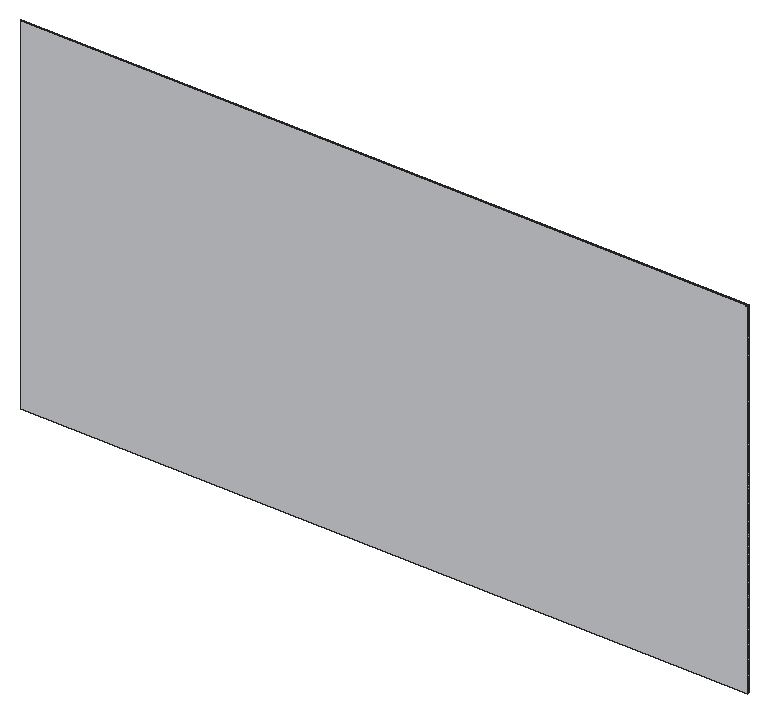
Revit family "27829AIR", category Generic Models, Revit 2017
Family settings
  Can host rebar = No
  Round Connector Dimension = Use Diameter
  Part Type = Normal
  Work Plane-Based = No
  Always vertical = Yes
  Cut with Voids When Loaded = No
  Shared = No
  Room Calculation Point = No
Parameters
  W = 2490 mm
  H = 1190 mm
  Whiteboard = none
  Base = none
Reference planes
  plane 1 "Center (Front/Back)": y = 0
  plane 2: z = 0
  plane 3 "Center (Left/Right)": x = 0
  plane 4: y = 0.5
  plane 5: y = 10.5
  plane 6: z = 1190
  plane 7: x = -1245
  plane 8: x = 1245
  plane 9: y = 4
Forms (mm)
  Extrusion 1, solid, material <- "Whiteboard"
    sketch origin (0, 0, 0) x (1, 0, 0) y (0, 0, 1)
      loop
        line (-1245, 1190) -> (-1245, 0) -> (1245, 0) -> (1245, 1190) -> (-1245, 1190)
    from -0.5 to 0
  Extrusion 2, solid, material <- "Base"
    sketch origin (0, 0, 0) x (1, 0, 0) y (0, 0, 1)
      loop
        line (-1245, 1190) -> (-1245, 0) -> (1245, 0) -> (1245, 1190) -> (-1245, 1190)
    from -10.5 to -0.5
  Sweep 3, void
    path origin (0, 10.5, 0) x (1, 0, 0) y (0, 0, 1)
      loop
        line (-1245, 1190) -> (-1245, 0) -> (1245, 0) -> (1245, 1190) -> (-1245, 1190)
    profile origin (0, 10.5, 1190) x (0, 0, 1) y (0, -1, 0)
      loop
        line (0, 0) -> (0, 6.5) -> (-6.5, 0) -> (0, 0)
Cuts and joins
  Sweep 3 cuts Extrusion 2
Dimensions and locks
  locked: plane 4 to plane 1 "Center (Front/Back)" at 0.5
  locked: plane 5 to plane 4 at 10
  equal spacing: plane 8, plane 3 "Center (Left/Right)", plane 7
  "W": plane 8 to plane 7
  "H": plane 6 to level
  aligned and locked: level to plane 2
  aligned and locked: Extrusion 1 sketch curve to plane 6
  aligned and locked: plane 7 to Extrusion 1 sketch curve
  aligned and locked: plane 2 to Extrusion 1 sketch curve
  aligned and locked: Extrusion 1 sketch curve to plane 8
  aligned and locked: plane 4 to Extrusion 1
  aligned and locked: plane 1 "Center (Front/Back)" to Extrusion 1
  aligned and locked: Extrusion 2 sketch curve to Extrusion 1  (x4)
  aligned and locked: plane 5 to Extrusion 2
  aligned and locked: Extrusion 2 to plane 4
  aligned and locked: Sweep 3 sketch curve to Extrusion 1  (x4)
Automatic sketch dimensions
  Sweep 3 sketch curve to profile plane = 0 mm
  profile plane to Sweep 3 sketch curve = 0 mm
  profile plane to Sweep 3 sketch curve = 6.5 mm  (x2)
